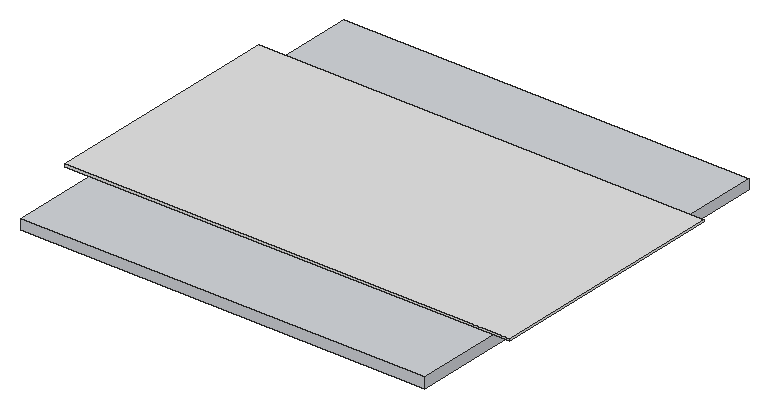
Revit family "26804", category Aparatos sanitarios, Revit 2017
Family settings
  Anfitrión = Cara
  Cota de conector redondo = Diámetro de uso
  Tipo de pieza = Normal
  Número OmniClass = 23.45.55.14
  Título OmniClass = Single Faucets
  Corte con vacíos al cargar = No
  Compartido = No
  Punto de cálculo de habitación = No
Parameters (values of type "26804")
  URL = "http://www.griferiasgalindo.com"
  Teléfono = "(+34) 915 782 575"
  TIPO DE AGUA = "Fria"
  REFERENCIA = "26804"
  Presión Máxima = "8 bar"
  PESO BRUTO = "1,920 Kg"
  Modelo = "PRESTO XT 2000 - P Inox"
  Material = LATON CROMADO
  Imagen de tipo = <Ninguno>
  Fabricante = "PRESTO IBÉRICA"
  Default Elevation = 1219.2 mm
  ENTRADA = "Con latiguillo flexible de 1/2\""
  Descripción = "Grifo temporalizado de un agua para instalación mural y apertura por pulsador."
  Código de montaje = "C1030220"
  Contacto = "info@prestoiberica.com"
  Conexión AF = yes
  Conexión AC = no
  Comentarios de tipo = "Cuerpo y pulsador en latón. Piezas inferiores en matieriales resistentes a la corrosión e incrustaciones calcáreas. Cabeza intercambiable. Caño disponible en varias longitudes (bajo pedido). Suministrado con caja para empotrar. Entrada hembra de  1/2\"."
  CIERRE = "Automático en 10 seg."
  CAUDAL = "8 l/min."
  Accionamiento = "Mediante pulsador"
Reference planes
  plane 1 "Centro (Frontal/Posterior)": y = 0
  plane 2: z = 0
  plane 3 "Centro (Izquierda/Derecha)": x = 0
Forms (mm)
  Extrusion 1, solid
    sketch origin (0, 0, 0) x (1, 0, 0) y (0, 1, 0)
      loop
        line (-100, 100) -> (-100, -100) -> (100, -100) -> (100, 100) -> (-100, 100)
    from 0 to -5
  Extrusion 2, solid, material "LATON CROMADO"
    sketch origin (0, 0, 2) x (-1, 0, 0) y (0, -1, 0)
      loop
        line (110, -60) -> (110, 60) -> (-110, 60) -> (-110, -60) -> (110, -60)
    from 0 to 1
Dimensions and locks
  Extrusion 1 sketch curve to plane 1 "Centro (Frontal/Posterior)" = 100 mm
  aligned and locked: plane 2 to Extrusion 1
  aligned and locked: level to Extrusion 1
Connectors
  piping at (83.5, 0, -42.5), diameter 12.7
    settings: on import instance, index 1, connector inside diameter 609.6 mm, connector length 0 mm, flow factor 0, pipe flow 0.0 L/s, pressure drop 0.0 Pa, fitting loss kfactor 0, connector angle 0.00°, fixture units 0, engagement length 0 mm, angle of deflection 0.00°, flow configuration 0, flow direction 1, fitting loss method 0, system type 20, joint type 0, gender type 0, connector reference index -1, connector utility 0, adjustable connector no, is connector primary yes, connector description ""
